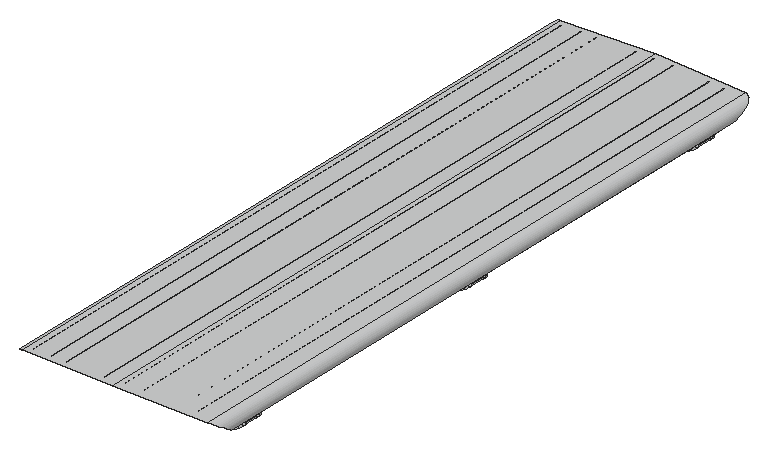
Revit family
Parameters (values of type "Aluminum-SH-Bright_Silver")
  Width [instance] = 0' - 7.52741"
  URL = "http://www.us.kohler.com/us/"
  Product Page URL = "http://www.us.kohler.com/us/Bellwether-aluminum-drain-cover-for-60-x-32-shower-base/productDetail/Shower-Bases/996244.htm?skuId=996237&brandId=1027726&pageName=globalSearch&isRedirectedTo=true&searchTerm=9156&_requestid=108956"
  Product Documentation Link = "N/A"
  Model = "9156-SH"
  Manufacturer = "Kohler"  # constant formula
  Length [instance] = 2' - 1.35266"
  Height [instance] = 0' - 1.33024"
  Finish = Aluminum-Kohler-SH-Bright Silver
  Description = "Aluminum drain cover for 60in x 32in shower base"  # constant formula
  Assembly Code = "D2010700"
Reference planes (in)
  plane 1 "Center (Front/Back)": y = 0
  plane 2: z = 0
  plane 3 "Center (Left/Right)": x = 0
  plane 4: y = 12.67633
  plane 5: y = -12.67633
  plane 6: x = -3.76371
  plane 7: x = 3.76371
  plane 8: z = 1.33024
Dimensions and locks (in)
  "Width": plane 6 to plane 7
  "Length": plane 5 to plane 4
  "Height": plane 8 to plane 2
  aligned and locked: plane 2 to level
Nested families (in)
  nested 1: "9156_Base" at (0, 0, 0), type "9156_Base"
Definition of nested family "9156_Base"
  Parameters (values of type "9156_Base")
    l = 2' - 1.35266"
    Finish = none
  Reference planes (in)
    plane 1 "Center (Front/Back)": y = 0
    plane 2: z = 0
    plane 3 "Center (Left/Right)": x = 0
    plane 4: y = 12.67633
    plane 5: x = -3.76371
    plane 6: x = 3.76371
    plane 7: y = -12.67633
    plane 8: z = 1.33024
  Forms (in)
    Extrusion 1, solid, material <- "Finish", detail levels medium+fine
      sketch origin (0, 0, 0) x (1, 0, 0) y (0, 0, 1)
        loop
          line (-3.44914, 1.1845) -> (-3.44585, 0.53469)
          arc (-3.44585, 0.53469) -> (-3.40749, 0.49612) -> (-3.36834, 0.53389) r 0.03876
          line (-3.36834, 0.53389) -> (-3.36834, 0.95213)
          arc (-3.36834, 0.95213) -> (-3.36078, 0.97037) -> (-3.34254, 0.97793) r 0.0258
          line (-3.34254, 0.97793) -> (-3.26553, 0.97793)
          arc (-3.26553, 0.97793) -> (-3.2488, 0.98486) -> (-3.24187, 1.00159) r 0.02366
          line (-3.24187, 1.00159) -> (-3.24187, 1.04223)
          arc (-3.24187, 1.04223) -> (-3.24865, 1.05859) -> (-3.265, 1.06537) r 0.02313
          line (-3.265, 1.06537) -> (-3.33974, 1.06537)
          arc (-3.33974, 1.06537) -> (-3.35729, 1.07264) -> (-3.36456, 1.09019) r 0.02482
          line (-3.36456, 1.09019) -> (-3.36456, 1.16636)
          arc (-3.36456, 1.16636) -> (-3.35825, 1.18195) -> (-3.34288, 1.18877) r 0.02243
          line (-3.34288, 1.18877) -> (-2.76174, 1.20793)
          arc (-2.76174, 1.20793) -> (-2.7474, 1.2024) -> (-2.7414, 1.18825) r 0.01969
          line (-2.7414, 1.18825) -> (-2.7414, 1.08224)
          arc (-2.7414, 1.08224) -> (-2.74727, 1.06783) -> (-2.76154, 1.06162) r 0.02062
          line (-2.76154, 1.06162) -> (-2.84894, 1.05956)
          arc (-2.84894, 1.05956) -> (-2.86272, 1.05357) -> (-2.86839, 1.03965) r 0.01992
          line (-2.86839, 1.03965) -> (-2.86839, 1.00169)
          arc (-2.86839, 1.00169) -> (-2.86139, 0.9848) -> (-2.8445, 0.97781) r 0.02389
          line (-2.8445, 0.97781) -> (-2.76139, 0.97781)
          arc (-2.76139, 0.97781) -> (-2.74656, 0.97167) -> (-2.74042, 0.95684) r 0.02097
          line (-2.74042, 0.95684) -> (-2.74042, 0.39105)
          arc (-2.74042, 0.39105) -> (-2.70109, 0.35172) -> (-2.66176, 0.39105) r 0.03933
          line (-2.66176, 0.39105) -> (-2.66176, 1.18951)
          arc (-2.66176, 1.18951) -> (-2.65599, 1.2037) -> (-2.64196, 1.20983) r 0.02033
          line (-2.64196, 1.20983) -> (-2.17874, 1.22168)
          arc (-2.17874, 1.22168) -> (-2.16455, 1.21612) -> (-2.15863, 1.20208) r 0.01961
          line (-2.15863, 1.20208) -> (-2.15863, 0.69736)
          arc (-2.15863, 0.69736) -> (-2.15287, 0.68347) -> (-2.13899, 0.67771) r 0.01964
          line (-2.13899, 0.67771) -> (-1.91547, 0.67771)
          arc (-1.91547, 0.67771) -> (-1.87836, 0.71804) -> (-1.91234, 0.76105) r 0.04222
          line (-1.91234, 0.76105) -> (-2.05659, 0.75878)
          arc (-2.05659, 0.75878) -> (-2.07156, 0.76477) -> (-2.07779, 0.77965) r 0.02087
          line (-2.07779, 0.77965) -> (-2.07779, 0.87795)
          arc (-2.07779, 0.87795) -> (-2.07189, 0.8922) -> (-2.05763, 0.8981) r 0.02015
          line (-2.05763, 0.8981) -> (-1.90995, 0.8981)
          arc (-1.90995, 0.8981) -> (-1.87868, 0.94511) -> (-1.92371, 0.97918) r 0.0412
          line (-1.92371, 0.97918) -> (-2.05784, 0.97918)
          arc (-2.05784, 0.97918) -> (-2.07195, 0.98502) -> (-2.07779, 0.99913) r 0.01995
          line (-2.07779, 0.99913) -> (-2.07779, 1.20159)
          arc (-2.07779, 1.20159) -> (-2.07205, 1.21561) -> (-2.05812, 1.22157) r 0.01998
          line (-2.05812, 1.22157) -> (-0.78076, 1.2417)
          arc (-0.78076, 1.2417) -> (-0.76626, 1.23625) -> (-0.75935, 1.22239) r 0.02115
          line (-0.75935, 1.22239) -> (-0.74004, 1.00168)
          arc (-0.74004, 1.00168) -> (-0.73301, 0.98742) -> (-0.71819, 0.98165) r 0.02193
          line (-0.71819, 0.98165) -> (-0.6792, 0.98165)
          arc (-0.6792, 0.98165) -> (-0.66461, 0.98731) -> (-0.65763, 1.00133) r 0.02166
          line (-0.65763, 1.00133) -> (-0.63724, 1.22271)
          arc (-0.63724, 1.22271) -> (-0.63041, 1.23649) -> (-0.61609, 1.24211) r 0.02136
          line (-0.61609, 1.24211) -> (-0.09245, 1.24488)
          arc (-0.09245, 1.24488) -> (-0.07823, 1.2394) -> (-0.07151, 1.22571) r 0.0209
          line (-0.07151, 1.22571) -> (-0.05298, 1.00238)
          arc (-0.05298, 1.00238) -> (-0.04613, 0.98837) -> (-0.0316, 0.9827) r 0.02145
          line (-0.0316, 0.9827) -> (0.00881, 0.9827)
          arc (0.00881, 0.9827) -> (0.02393, 0.9886) -> (0.03106, 1.00318) r 0.02233
          line (0.03106, 1.00318) -> (0.04952, 1.22571)
          arc (0.04952, 1.22571) -> (0.05624, 1.2394) -> (0.07046, 1.24489) r 0.0209
          line (0.07046, 1.24489) -> (0.5941, 1.24211)
          arc (0.5941, 1.24211) -> (0.60842, 1.2365) -> (0.61526, 1.22272) r 0.02136
          line (0.61526, 1.22272) -> (0.63565, 1.00133)
          arc (0.63565, 1.00133) -> (0.64262, 0.98732) -> (0.65721, 0.98166) r 0.02166
          line (0.65721, 0.98166) -> (0.69621, 0.98166)
          arc (0.69621, 0.98166) -> (0.71102, 0.98742) -> (0.71806, 1.00168) r 0.02193
          line (0.71806, 1.00168) -> (0.73737, 1.2224)
          arc (0.73737, 1.2224) -> (0.74427, 1.23626) -> (0.75877, 1.2417) r 0.02115
          line (0.75877, 1.2417) -> (2.03614, 1.22158)
          arc (2.03614, 1.22158) -> (2.05006, 1.21561) -> (2.0558, 1.2016) r 0.01998
          line (2.0558, 1.2016) -> (2.0558, 0.99913)
          arc (2.0558, 0.99913) -> (2.04996, 0.98503) -> (2.03585, 0.97918) r 0.01995
          line (2.03585, 0.97918) -> (1.90172, 0.97918)
          arc (1.90172, 0.97918) -> (1.8567, 0.94512) -> (1.88796, 0.8981) r 0.0412
          line (1.88796, 0.8981) -> (2.03565, 0.8981)
          arc (2.03565, 0.8981) -> (2.0499, 0.8922) -> (2.0558, 0.87795) r 0.02015
          line (2.0558, 0.87795) -> (2.0558, 0.77965)
          arc (2.0558, 0.77965) -> (2.04957, 0.76478) -> (2.0346, 0.75878) r 0.02087
          line (2.0346, 0.75878) -> (1.89035, 0.76105)
          arc (1.89035, 0.76105) -> (1.85637, 0.71805) -> (1.89348, 0.67772) r 0.04222
          line (1.89348, 0.67772) -> (2.117, 0.67772)
          arc (2.117, 0.67772) -> (2.13089, 0.68347) -> (2.13664, 0.69736) r 0.01964
          line (2.13664, 0.69736) -> (2.13664, 1.20208)
          arc (2.13664, 1.20208) -> (2.14256, 1.21613) -> (2.15675, 1.22169) r 0.01961
          line (2.15675, 1.22169) -> (2.61997, 1.20984)
          arc (2.61997, 1.20984) -> (2.634, 1.20371) -> (2.63978, 1.18952) r 0.02033
          line (2.63978, 1.18952) -> (2.63978, 0.39105)
          arc (2.63978, 0.39105) -> (2.6791, 0.35172) -> (2.71843, 0.39105) r 0.03933
          line (2.71843, 0.39105) -> (2.71843, 0.95684)
          arc (2.71843, 0.95684) -> (2.72458, 0.97167) -> (2.7394, 0.97781) r 0.02097
          line (2.7394, 0.97781) -> (2.82252, 0.97781)
          arc (2.82252, 0.97781) -> (2.83941, 0.98481) -> (2.8464, 1.0017) r 0.02389
          line (2.8464, 1.0017) -> (2.8464, 1.03965)
          arc (2.8464, 1.03965) -> (2.84073, 1.05357) -> (2.82695, 1.05957) r 0.01992
          line (2.82695, 1.05957) -> (2.73955, 1.06163)
          arc (2.73955, 1.06163) -> (2.72528, 1.06784) -> (2.71941, 1.08225) r 0.02062
          line (2.71941, 1.08225) -> (2.71941, 1.18825)
          arc (2.71941, 1.18825) -> (2.72541, 1.20241) -> (2.73975, 1.20794) r 0.01969
          line (2.73975, 1.20794) -> (3.32089, 1.18877)
          arc (3.32089, 1.18877) -> (3.33627, 1.18195) -> (3.34257, 1.16636) r 0.02243
          line (3.34257, 1.16636) -> (3.34257, 1.09019)
          arc (3.34257, 1.09019) -> (3.3353, 1.07264) -> (3.31775, 1.06537) r 0.02482
          line (3.31775, 1.06537) -> (3.24302, 1.06537)
          arc (3.24302, 1.06537) -> (3.22666, 1.0586) -> (3.21988, 1.04224) r 0.02313
          line (3.21988, 1.04224) -> (3.21988, 1.0016)
          arc (3.21988, 1.0016) -> (3.22681, 0.98487) -> (3.24355, 0.97793) r 0.02366
          line (3.24355, 0.97793) -> (3.32055, 0.97793)
          arc (3.32055, 0.97793) -> (3.33879, 0.97038) -> (3.34635, 0.95214) r 0.0258
          line (3.34635, 0.95214) -> (3.34635, 0.53389)
          arc (3.34635, 0.53389) -> (3.3855, 0.49613) -> (3.42386, 0.53469) r 0.03876
          line (3.42386, 0.53469) -> (3.42715, 1.18451)
          arc (3.42715, 1.18451) -> (3.64689, 1.02663) -> (3.5674, 0.768) r 0.23187
          arc (3.5674, 0.768) -> (3.55377, 0.71642) -> (3.60304, 0.69595) r 0.04056
          arc (3.60304, 0.69595) -> (3.72956, 1.04018) -> (3.43985, 1.26506) r 0.31063
          line (3.43985, 1.26506) -> (-0.01089, 1.33024) -> (-3.46183, 1.26506)
          arc (-3.46183, 1.26506) -> (-3.75154, 1.04018) -> (-3.62502, 0.69595) r 0.31063
          arc (-3.62502, 0.69595) -> (-3.57576, 0.71642) -> (-3.58939, 0.76799) r 0.04056
          arc (-3.58939, 0.76799) -> (-3.66888, 1.02663) -> (-3.44914, 1.1845) r 0.23187
      from -12.83044 to 12.83368
    Extrusion 2, solid, material <- "Finish", detail levels medium+fine
      sketch origin (0, 0, 0) x (1, 0, 0) y (0, 0, 1)
        loop
          arc (-3.49318, 0.47285) -> (-3.28031, 0.37012) -> (-3.04893, 0.32185) r 0.9712
          line (-3.04893, 0.32185) -> (-2.63513, 0.28387) -> (-2.63021, 0.3375) -> (-3.04301, 0.37364)
          arc (-3.04301, 0.37364) -> (-3.26365, 0.42034) -> (-3.46663, 0.51866) r 0.93236
          line (-3.46663, 0.51866) -> (-3.49318, 0.47285)
      from 9.98154 to 11.22024
    Extrusion 3, void
      sketch origin (0, 0, 0) x (1, 0, 0) y (0, 1, 0)
        loop
          line (-3.47814, -10.35774) -> (-3.47814, -10.81679)
          arc (-3.47814, -10.81679) -> (-3.48813, -10.96677) -> (-3.41826, -11.09985) r 0.27678
          arc (-3.41826, -11.09985) -> (-3.3073, -11.15391) -> (-3.18455, -11.16687) r 0.35639
          line (-3.18455, -11.16687) -> (-2.88981, -11.16687)
          arc (-2.88981, -11.16687) -> (-2.79276, -11.14634) -> (-2.70513, -11.09985) r 0.35639
          arc (-2.70513, -11.09985) -> (-2.63582, -10.96935) -> (-2.64353, -10.82179) r 0.27678
          line (-2.64353, -10.82179) -> (-2.64353, -10.35274)
          arc (-2.64353, -10.35274) -> (-2.63582, -10.20518) -> (-2.70513, -10.07468) r 0.27678
          arc (-2.70513, -10.07468) -> (-2.81609, -10.02062) -> (-2.93884, -10.00766) r 0.35639
          line (-2.93884, -10.00766) -> (-3.18455, -10.00766)
          arc (-3.18455, -10.00766) -> (-3.3073, -10.02062) -> (-3.41826, -10.07468) r 0.35639
          arc (-3.41826, -10.07468) -> (-3.48813, -10.20776) -> (-3.47814, -10.35774) r 0.27678
        loop
          line (-3.64378, -9.85187) -> (-3.64378, -11.28921) -> (-2.4345, -11.28921) -> (-2.4345, -9.85187) -> (-3.64378, -9.85187)
      from 0 to 12
    Extrusion 4, solid, material <- "Finish", detail levels medium+fine
      sketch origin (0, 0, 0) x (1, 0, 0) y (0, 0, 1)
        loop
          arc (-3.49318, 0.47285) -> (-3.28031, 0.37012) -> (-3.04893, 0.32185) r 0.9712
          line (-3.04893, 0.32185) -> (-2.63513, 0.28387) -> (-2.63021, 0.3375) -> (-3.04301, 0.37364)
          arc (-3.04301, 0.37364) -> (-3.26365, 0.42034) -> (-3.46663, 0.51866) r 0.93236
          line (-3.46663, 0.51866) -> (-3.49318, 0.47285)
      from -0.61935 to 0.61935
    Extrusion 5, void
      sketch origin (0, 10.587, 0) x (1, 0, 0) y (0, 1, 0)
        loop
          line (-3.47814, -10.35774) -> (-3.47814, -10.81679)
          arc (-3.47814, -10.81679) -> (-3.48813, -10.96677) -> (-3.41826, -11.09985) r 0.27678
          arc (-3.41826, -11.09985) -> (-3.3073, -11.15391) -> (-3.18455, -11.16687) r 0.35639
          line (-3.18455, -11.16687) -> (-2.88981, -11.16687)
          arc (-2.88981, -11.16687) -> (-2.79276, -11.14634) -> (-2.70513, -11.09985) r 0.35639
          arc (-2.70513, -11.09985) -> (-2.63582, -10.96935) -> (-2.64353, -10.82179) r 0.27678
          line (-2.64353, -10.82179) -> (-2.64353, -10.35274)
          arc (-2.64353, -10.35274) -> (-2.63582, -10.20518) -> (-2.70513, -10.07468) r 0.27678
          arc (-2.70513, -10.07468) -> (-2.81609, -10.02062) -> (-2.93884, -10.00766) r 0.35639
          line (-2.93884, -10.00766) -> (-3.18455, -10.00766)
          arc (-3.18455, -10.00766) -> (-3.3073, -10.02062) -> (-3.41826, -10.07468) r 0.35639
          arc (-3.41826, -10.07468) -> (-3.48813, -10.20776) -> (-3.47814, -10.35774) r 0.27678
        loop
          line (-3.64378, -9.85187) -> (-3.64378, -11.28921) -> (-2.4345, -11.28921) -> (-2.4345, -9.85187) -> (-3.64378, -9.85187)
      from 0 to 12
    Extrusion 6, solid, material <- "Finish", detail levels medium+fine
      sketch origin (0, 0, 0) x (1, 0, 0) y (0, 0, 1)
        loop
          arc (-3.49318, 0.47285) -> (-3.28031, 0.37012) -> (-3.04893, 0.32185) r 0.9712
          line (-3.04893, 0.32185) -> (-2.63513, 0.28387) -> (-2.63021, 0.3375) -> (-3.04301, 0.37364)
          arc (-3.04301, 0.37364) -> (-3.26365, 0.42034) -> (-3.46663, 0.51866) r 0.93236
          line (-3.46663, 0.51866) -> (-3.49318, 0.47285)
      from -11.21434 to -9.97564
    Extrusion 7, void
      sketch origin (0, 21.18197, 0) x (1, 0, 0) y (0, 1, 0)
        loop
          line (-3.47814, -10.35774) -> (-3.47814, -10.81679)
          arc (-3.47814, -10.81679) -> (-3.48813, -10.96677) -> (-3.41826, -11.09985) r 0.27678
          arc (-3.41826, -11.09985) -> (-3.3073, -11.15391) -> (-3.18455, -11.16687) r 0.35639
          line (-3.18455, -11.16687) -> (-2.88981, -11.16687)
          arc (-2.88981, -11.16687) -> (-2.79276, -11.14634) -> (-2.70513, -11.09985) r 0.35639
          arc (-2.70513, -11.09985) -> (-2.63582, -10.96935) -> (-2.64353, -10.82179) r 0.27678
          line (-2.64353, -10.82179) -> (-2.64353, -10.35274)
          arc (-2.64353, -10.35274) -> (-2.63582, -10.20518) -> (-2.70513, -10.07468) r 0.27678
          arc (-2.70513, -10.07468) -> (-2.81609, -10.02062) -> (-2.93884, -10.00766) r 0.35639
          line (-2.93884, -10.00766) -> (-3.18455, -10.00766)
          arc (-3.18455, -10.00766) -> (-3.3073, -10.02062) -> (-3.41826, -10.07468) r 0.35639
          arc (-3.41826, -10.07468) -> (-3.48813, -10.20776) -> (-3.47814, -10.35774) r 0.27678
        loop
          line (-3.64378, -9.85187) -> (-3.64378, -11.28921) -> (-2.4345, -11.28921) -> (-2.4345, -9.85187) -> (-3.64378, -9.85187)
      from 0 to 12
    Extrusion 8, solid, material <- "Finish", detail levels medium+fine
      sketch origin (0, 0, 0) x (-1, 0, 0) y (0, 0, -1)
        loop
          line (-3.49318, -0.47285) -> (-3.46663, -0.51866)
          arc (-3.46663, -0.51866) -> (-3.26365, -0.42034) -> (-3.04301, -0.37364) r 0.93236
          line (-3.04301, -0.37364) -> (-2.63021, -0.3375) -> (-2.63513, -0.28387) -> (-3.04893, -0.32185)
          arc (-3.04893, -0.32185) -> (-3.28031, -0.37012) -> (-3.49318, -0.47285) r 0.9712
      from 9.98154 to 11.22024
    Extrusion 9, void
      sketch origin (0, 0, 0) x (-1, 0, 0) y (0, -1, 0)
        loop
          arc (-3.47814, 10.35774) -> (-3.48813, 10.20776) -> (-3.41826, 10.07468) r 0.27678
          arc (-3.41826, 10.07468) -> (-3.3073, 10.02062) -> (-3.18455, 10.00766) r 0.35639
          line (-3.18455, 10.00766) -> (-2.93884, 10.00766)
          arc (-2.93884, 10.00766) -> (-2.81609, 10.02062) -> (-2.70513, 10.07468) r 0.35639
          arc (-2.70513, 10.07468) -> (-2.63582, 10.20518) -> (-2.64353, 10.35274) r 0.27678
          line (-2.64353, 10.35274) -> (-2.64353, 10.82179)
          arc (-2.64353, 10.82179) -> (-2.63582, 10.96935) -> (-2.70513, 11.09985) r 0.27678
          arc (-2.70513, 11.09985) -> (-2.79276, 11.14634) -> (-2.88981, 11.16687) r 0.35639
          line (-2.88981, 11.16687) -> (-3.18455, 11.16687)
          arc (-3.18455, 11.16687) -> (-3.3073, 11.15391) -> (-3.41826, 11.09985) r 0.35639
          arc (-3.41826, 11.09985) -> (-3.48813, 10.96677) -> (-3.47814, 10.81679) r 0.27678
          line (-3.47814, 10.81679) -> (-3.47814, 10.35774)
        loop
          line (-3.64378, 9.85187) -> (-2.4345, 9.85187) -> (-2.4345, 11.28921) -> (-3.64378, 11.28921) -> (-3.64378, 9.85187)
      from 0 to 12
    Extrusion 10, solid, material <- "Finish", detail levels medium+fine
      sketch origin (0, 0, 0) x (-1, 0, 0) y (0, 0, -1)
        loop
          line (-3.49318, -0.47285) -> (-3.46663, -0.51866)
          arc (-3.46663, -0.51866) -> (-3.26365, -0.42034) -> (-3.04301, -0.37364) r 0.93236
          line (-3.04301, -0.37364) -> (-2.63021, -0.3375) -> (-2.63513, -0.28387) -> (-3.04893, -0.32185)
          arc (-3.04893, -0.32185) -> (-3.28031, -0.37012) -> (-3.49318, -0.47285) r 0.9712
      from -0.61935 to 0.61935
    Extrusion 11, void
      sketch origin (0, 10.587, 0) x (-1, 0, 0) y (0, -1, 0)
        loop
          arc (-3.47814, 10.35774) -> (-3.48813, 10.20776) -> (-3.41826, 10.07468) r 0.27678
          arc (-3.41826, 10.07468) -> (-3.3073, 10.02062) -> (-3.18455, 10.00766) r 0.35639
          line (-3.18455, 10.00766) -> (-2.93884, 10.00766)
          arc (-2.93884, 10.00766) -> (-2.81609, 10.02062) -> (-2.70513, 10.07468) r 0.35639
          arc (-2.70513, 10.07468) -> (-2.63582, 10.20518) -> (-2.64353, 10.35274) r 0.27678
          line (-2.64353, 10.35274) -> (-2.64353, 10.82179)
          arc (-2.64353, 10.82179) -> (-2.63582, 10.96935) -> (-2.70513, 11.09985) r 0.27678
          arc (-2.70513, 11.09985) -> (-2.79276, 11.14634) -> (-2.88981, 11.16687) r 0.35639
          line (-2.88981, 11.16687) -> (-3.18455, 11.16687)
          arc (-3.18455, 11.16687) -> (-3.3073, 11.15391) -> (-3.41826, 11.09985) r 0.35639
          arc (-3.41826, 11.09985) -> (-3.48813, 10.96677) -> (-3.47814, 10.81679) r 0.27678
          line (-3.47814, 10.81679) -> (-3.47814, 10.35774)
        loop
          line (-3.64378, 9.85187) -> (-2.4345, 9.85187) -> (-2.4345, 11.28921) -> (-3.64378, 11.28921) -> (-3.64378, 9.85187)
      from 0 to 12
    Extrusion 12, solid, material <- "Finish", detail levels medium+fine
      sketch origin (0, 0, 0) x (-1, 0, 0) y (0, 0, -1)
        loop
          line (-3.49318, -0.47285) -> (-3.46663, -0.51866)
          arc (-3.46663, -0.51866) -> (-3.26365, -0.42034) -> (-3.04301, -0.37364) r 0.93236
          line (-3.04301, -0.37364) -> (-2.63021, -0.3375) -> (-2.63513, -0.28387) -> (-3.04893, -0.32185)
          arc (-3.04893, -0.32185) -> (-3.28031, -0.37012) -> (-3.49318, -0.47285) r 0.9712
      from -11.21434 to -9.97564
    Extrusion 13, void
      sketch origin (0, 21.18197, 0) x (-1, 0, 0) y (0, -1, 0)
        loop
          arc (-3.47814, 10.35774) -> (-3.48813, 10.20776) -> (-3.41826, 10.07468) r 0.27678
          arc (-3.41826, 10.07468) -> (-3.3073, 10.02062) -> (-3.18455, 10.00766) r 0.35639
          line (-3.18455, 10.00766) -> (-2.93884, 10.00766)
          arc (-2.93884, 10.00766) -> (-2.81609, 10.02062) -> (-2.70513, 10.07468) r 0.35639
          arc (-2.70513, 10.07468) -> (-2.63582, 10.20518) -> (-2.64353, 10.35274) r 0.27678
          line (-2.64353, 10.35274) -> (-2.64353, 10.82179)
          arc (-2.64353, 10.82179) -> (-2.63582, 10.96935) -> (-2.70513, 11.09985) r 0.27678
          arc (-2.70513, 11.09985) -> (-2.79276, 11.14634) -> (-2.88981, 11.16687) r 0.35639
          line (-2.88981, 11.16687) -> (-3.18455, 11.16687)
          arc (-3.18455, 11.16687) -> (-3.3073, 11.15391) -> (-3.41826, 11.09985) r 0.35639
          arc (-3.41826, 11.09985) -> (-3.48813, 10.96677) -> (-3.47814, 10.81679) r 0.27678
          line (-3.47814, 10.81679) -> (-3.47814, 10.35774)
        loop
          line (-3.64378, 9.85187) -> (-2.4345, 9.85187) -> (-2.4345, 11.28921) -> (-3.64378, 11.28921) -> (-3.64378, 9.85187)
      from 0 to 12
    Extrusion 14, solid, material <- "Finish", detail levels medium+fine
      sketch origin (0, 0, 0) x (1, 0, 0) y (0, 1, 0)
        loop
          line (-3.38342, -10.25473) -> (-3.38342, -10.95766)
          arc (-3.38342, -10.95766) -> (-3.34508, -11.05023) -> (-3.25251, -11.08858) r 0.13091
          line (-3.25251, -11.08858) -> (-2.85043, -11.08858)
          arc (-2.85043, -11.08858) -> (-2.75822, -11.05038) -> (-2.72003, -10.95818) r 0.1304
          line (-2.72003, -10.95818) -> (-2.72003, -10.23616)
          arc (-2.72003, -10.23616) -> (-2.75845, -10.14341) -> (-2.8512, -10.10499) r 0.13117
          line (-2.8512, -10.10499) -> (-3.25357, -10.10499)
          arc (-3.25357, -10.10499) -> (-3.35267, -10.15022) -> (-3.38342, -10.25473) r 0.13117
      from 0.27807 to 1.02685
    Extrusion 15, void
      sketch origin (0, 0, 0) x (1, 0, 0) y (0, 0, 1)
        loop
          line (-3.04301, 0.37364) -> (-2.70513, 0.34406) -> (-2.70513, 0.8467)
          arc (-2.70513, 0.8467) -> (-2.75079, 0.95693) -> (-2.86102, 1.00259) r 0.15589
          line (-2.86102, 1.00259) -> (-3.25123, 1.00259)
          arc (-3.25123, 1.00259) -> (-3.35937, 0.9578) -> (-3.40417, 0.84966) r 0.15293
          line (-3.40417, 0.84966) -> (-3.40417, 0.48178)
          arc (-3.40417, 0.48178) -> (-3.22911, 0.40926) -> (-3.04301, 0.37364) r 0.93236
        loop
          line (-3.4742, 1.08863) -> (-3.4742, 0.24626) -> (-2.64164, 0.24626) -> (-2.64164, 1.08863) -> (-3.4742, 1.08863)
      from -12.12293 to 12
    Extrusion 16, solid, material <- "Finish", detail levels medium+fine
      sketch origin (0, 10.59717, 0) x (1, 0, 0) y (0, 1, 0)
        loop
          line (-3.38342, -10.25473) -> (-3.38342, -10.95766)
          arc (-3.38342, -10.95766) -> (-3.34508, -11.05023) -> (-3.25251, -11.08858) r 0.13091
          line (-3.25251, -11.08858) -> (-2.85043, -11.08858)
          arc (-2.85043, -11.08858) -> (-2.75822, -11.05038) -> (-2.72003, -10.95818) r 0.1304
          line (-2.72003, -10.95818) -> (-2.72003, -10.23616)
          arc (-2.72003, -10.23616) -> (-2.75845, -10.14341) -> (-2.8512, -10.10499) r 0.13117
          line (-2.8512, -10.10499) -> (-3.25357, -10.10499)
          arc (-3.25357, -10.10499) -> (-3.35267, -10.15022) -> (-3.38342, -10.25473) r 0.13117
      from 0.27807 to 1.02685
    Extrusion 17, solid, material <- "Finish", detail levels medium+fine
      sketch origin (0, 21.18508, 0) x (1, 0, 0) y (0, 1, 0)
        loop
          line (-3.38342, -10.25473) -> (-3.38342, -10.95766)
          arc (-3.38342, -10.95766) -> (-3.34508, -11.05023) -> (-3.25251, -11.08858) r 0.13091
          line (-3.25251, -11.08858) -> (-2.85043, -11.08858)
          arc (-2.85043, -11.08858) -> (-2.75822, -11.05038) -> (-2.72003, -10.95818) r 0.1304
          line (-2.72003, -10.95818) -> (-2.72003, -10.23616)
          arc (-2.72003, -10.23616) -> (-2.75845, -10.14341) -> (-2.8512, -10.10499) r 0.13117
          line (-2.8512, -10.10499) -> (-3.25357, -10.10499)
          arc (-3.25357, -10.10499) -> (-3.35267, -10.15022) -> (-3.38342, -10.25473) r 0.13117
      from 0.27807 to 1.02685
    Extrusion 18, solid, material <- "Finish", detail levels medium+fine
      sketch origin (0, 0, 0) x (-1, 0, 0) y (0, -1, 0)
        loop
          arc (-3.38342, 10.25473) -> (-3.35267, 10.15022) -> (-3.25357, 10.10499) r 0.13117
          line (-3.25357, 10.10499) -> (-2.8512, 10.10499)
          arc (-2.8512, 10.10499) -> (-2.75845, 10.14341) -> (-2.72003, 10.23616) r 0.13117
          line (-2.72003, 10.23616) -> (-2.72003, 10.95818)
          arc (-2.72003, 10.95818) -> (-2.75822, 11.05038) -> (-2.85043, 11.08858) r 0.1304
          line (-2.85043, 11.08858) -> (-3.25251, 11.08858)
          arc (-3.25251, 11.08858) -> (-3.34508, 11.05023) -> (-3.38342, 10.95766) r 0.13091
          line (-3.38342, 10.95766) -> (-3.38342, 10.25473)
      from 0.27807 to 1.02685
    Extrusion 19, solid, material <- "Finish", detail levels medium+fine
      sketch origin (0, 10.59717, 0) x (-1, 0, 0) y (0, -1, 0)
        loop
          arc (-3.38342, 10.25473) -> (-3.35267, 10.15022) -> (-3.25357, 10.10499) r 0.13117
          line (-3.25357, 10.10499) -> (-2.8512, 10.10499)
          arc (-2.8512, 10.10499) -> (-2.75845, 10.14341) -> (-2.72003, 10.23616) r 0.13117
          line (-2.72003, 10.23616) -> (-2.72003, 10.95818)
          arc (-2.72003, 10.95818) -> (-2.75822, 11.05038) -> (-2.85043, 11.08858) r 0.1304
          line (-2.85043, 11.08858) -> (-3.25251, 11.08858)
          arc (-3.25251, 11.08858) -> (-3.34508, 11.05023) -> (-3.38342, 10.95766) r 0.13091
          line (-3.38342, 10.95766) -> (-3.38342, 10.25473)
      from 0.27807 to 1.02685
    Extrusion 20, solid, material <- "Finish", detail levels medium+fine
      sketch origin (0, 21.18508, 0) x (-1, 0, 0) y (0, -1, 0)
        loop
          arc (-3.38342, 10.25473) -> (-3.35267, 10.15022) -> (-3.25357, 10.10499) r 0.13117
          line (-3.25357, 10.10499) -> (-2.8512, 10.10499)
          arc (-2.8512, 10.10499) -> (-2.75845, 10.14341) -> (-2.72003, 10.23616) r 0.13117
          line (-2.72003, 10.23616) -> (-2.72003, 10.95818)
          arc (-2.72003, 10.95818) -> (-2.75822, 11.05038) -> (-2.85043, 11.08858) r 0.1304
          line (-2.85043, 11.08858) -> (-3.25251, 11.08858)
          arc (-3.25251, 11.08858) -> (-3.34508, 11.05023) -> (-3.38342, 10.95766) r 0.13091
          line (-3.38342, 10.95766) -> (-3.38342, 10.25473)
      from 0.27807 to 1.02685
    Extrusion 21, void
      sketch origin (0, 0, 0) x (-1, 0, 0) y (0, 0, -1)
        loop
          arc (-3.04301, -0.37364) -> (-3.22911, -0.40926) -> (-3.40417, -0.48178) r 0.93236
          line (-3.40417, -0.48178) -> (-3.40417, -0.84966)
          arc (-3.40417, -0.84966) -> (-3.35937, -0.9578) -> (-3.25123, -1.00259) r 0.15293
          line (-3.25123, -1.00259) -> (-2.86102, -1.00259)
          arc (-2.86102, -1.00259) -> (-2.75079, -0.95693) -> (-2.70513, -0.8467) r 0.15589
          line (-2.70513, -0.8467) -> (-2.70513, -0.34406) -> (-3.04301, -0.37364)
        loop
          line (-3.4742, -1.08863) -> (-2.64164, -1.08863) -> (-2.64164, -0.24626) -> (-3.4742, -0.24626) -> (-3.4742, -1.08863)
      from -12.12293 to 12
    Extrusion 22, solid, material <- "Finish", detail levels medium+fine
      sketch origin (0, 0, 0) x (1, 0, 0) y (0, 0, 1)
        loop
          arc (-1.32597, 0.76214) -> (-1.29876, 0.75143) -> (-1.28617, 0.72503) r 0.03989
          line (-1.28617, 0.72503) -> (-1.27528, 0.56926)
          arc (-1.27528, 0.56926) -> (-1.26354, 0.54464) -> (-1.23817, 0.53465) r 0.0372
          line (-1.23817, 0.53465) -> (-0.03925, 0.53465) -> (1.21677, 0.53465)
          arc (1.21677, 0.53465) -> (1.24214, 0.54464) -> (1.25388, 0.56926) r 0.0372
          line (1.25388, 0.56926) -> (1.26477, 0.72503)
          arc (1.26477, 0.72503) -> (1.27736, 0.75143) -> (1.30457, 0.76214) r 0.03989
          line (1.30457, 0.76214) -> (2.01813, 0.76214)
          arc (2.01813, 0.76214) -> (2.04283, 0.77238) -> (2.05307, 0.79709) r 0.03494
          line (2.05307, 0.79709) -> (2.05307, 0.85589)
          arc (2.05307, 0.85589) -> (2.04245, 0.88153) -> (2.01682, 0.89214) r 0.03625
          line (2.01682, 0.89214) -> (1.18149, 0.89214)
          arc (1.18149, 0.89214) -> (1.15607, 0.88213) -> (1.1443, 0.85746) r 0.03728
          line (1.1443, 0.85746) -> (1.1333, 0.70012)
          arc (1.1333, 0.70012) -> (1.12126, 0.67487) -> (1.09522, 0.66461) r 0.03818
          line (1.09522, 0.66461) -> (-0.03402, 0.66461) -> (-1.11662, 0.66461)
          arc (-1.11662, 0.66461) -> (-1.14266, 0.67487) -> (-1.1547, 0.70012) r 0.03818
          line (-1.1547, 0.70012) -> (-1.1657, 0.85746)
          arc (-1.1657, 0.85746) -> (-1.17747, 0.88213) -> (-1.20289, 0.89214) r 0.03728
          line (-1.20289, 0.89214) -> (-2.03822, 0.89214)
          arc (-2.03822, 0.89214) -> (-2.06385, 0.88153) -> (-2.07447, 0.85589) r 0.03625
          line (-2.07447, 0.85589) -> (-2.07447, 0.79709)
          arc (-2.07447, 0.79709) -> (-2.06423, 0.77238) -> (-2.03953, 0.76214) r 0.03494
          line (-2.03953, 0.76214) -> (-1.32597, 0.76214)
      from -2.11441 to 2.10796
    Extrusion 23, void
      sketch origin (0, 0, 0) x (1, 0, 0) y (0, 1, 0)
        loop
          line (-1.59492, -1.97764) -> (-2.26006, -1.31249) -> (-2.26006, -2.34857) -> (2.28111, -2.34857) -> (2.28111, -1.27175) -> (1.57523, -1.97764) -> (-1.59492, -1.97764)
        loop
          line (-2.32046, 1.25384) -> (-1.59575, 1.97855) -> (1.57377, 1.97855) -> (2.23851, 1.3138) -> (2.23851, 2.29075) -> (-2.32046, 2.29075) -> (-2.32046, 1.25384)
      from 0 to 12
    Extrusion 24, solid, material <- "Finish", detail levels medium+fine
      sketch origin (0, 0, 0) x (1, 0, 0) y (0, 1, 0)
        loop
          arc (-1.07765, -1.88199) -> (-1.04668, -1.87552) -> (-1.02089, -1.85717) r 0.07731
          line (-1.02089, -1.85717) -> (-0.66726, -1.47476)
          arc (-0.66726, -1.47476) -> (-0.65171, -1.44995) -> (-0.64628, -1.42118) r 0.07891
          line (-0.64628, -1.42118) -> (-0.64628, -0.76492)
          arc (-0.64628, -0.76492) -> (-0.63938, -0.73085) -> (-0.61976, -0.70216) r 0.0875
          line (-0.61976, -0.70216) -> (-0.34386, -0.43407)
          arc (-0.34386, -0.43407) -> (-0.33313, -0.40918) -> (-0.34314, -0.384) r 0.03541
          line (-0.34314, -0.384) -> (-0.38419, -0.34175)
          arc (-0.38419, -0.34175) -> (-0.40927, -0.33094) -> (-0.43466, -0.34103) r 0.03569
          line (-0.43466, -0.34103) -> (-0.75266, -0.65003)
          arc (-0.75266, -0.65003) -> (-0.77013, -0.67559) -> (-0.77628, -0.70593) r 0.07794
          line (-0.77628, -0.70593) -> (-0.77628, -1.36588)
          arc (-0.77628, -1.36588) -> (-0.78249, -1.39875) -> (-0.80025, -1.42709) r 0.09016
          line (-0.80025, -1.42709) -> (-1.07897, -1.7285)
          arc (-1.07897, -1.7285) -> (-1.10337, -1.74586) -> (-1.13269, -1.75199) r 0.07317
          line (-1.13269, -1.75199) -> (-1.20391, -1.75199)
          arc (-1.20391, -1.75199) -> (-1.22876, -1.76229) -> (-1.23906, -1.78714) r 0.03515
          line (-1.23906, -1.78714) -> (-1.23906, -1.84509)
          arc (-1.23906, -1.84509) -> (-1.22825, -1.87119) -> (-1.20216, -1.88199) r 0.0369
          line (-1.20216, -1.88199) -> (-1.07765, -1.88199)
        loop
          arc (-0.62195, 0.70429) -> (-0.63995, 0.73061) -> (-0.64628, 0.76187) r 0.08029
          line (-0.64628, 0.76187) -> (-0.64628, 1.41925)
          arc (-0.64628, 1.41925) -> (-0.65205, 1.44982) -> (-0.66857, 1.47618) r 0.08386
          line (-0.66857, 1.47618) -> (-1.01765, 1.85367)
          arc (-1.01765, 1.85367) -> (-1.04707, 1.87461) -> (-1.08242, 1.88199) r 0.08821
          line (-1.08242, 1.88199) -> (-1.20475, 1.88199)
          arc (-1.20475, 1.88199) -> (-1.22901, 1.87195) -> (-1.23906, 1.84769) r 0.03431
          line (-1.23906, 1.84769) -> (-1.23906, 1.78748)
          arc (-1.23906, 1.78748) -> (-1.22866, 1.76239) -> (-1.20357, 1.75199) r 0.03549
          line (-1.20357, 1.75199) -> (-1.1345, 1.75199)
          arc (-1.1345, 1.75199) -> (-1.10352, 1.74552) -> (-1.07774, 1.72717) r 0.07732
          line (-1.07774, 1.72717) -> (-0.80031, 1.42716)
          arc (-0.80031, 1.42716) -> (-0.7825, 1.39875) -> (-0.77628, 1.36579) r 0.09038
          line (-0.77628, 1.36579) -> (-0.77628, 0.70595)
          arc (-0.77628, 0.70595) -> (-0.77013, 0.67559) -> (-0.75265, 0.65002) r 0.07798
          line (-0.75265, 0.65002) -> (-0.43379, 0.34019)
          arc (-0.43379, 0.34019) -> (-0.40927, 0.33044) -> (-0.38503, 0.34089) r 0.03448
          line (-0.38503, 0.34089) -> (-0.34294, 0.3842)
          arc (-0.34294, 0.3842) -> (-0.33301, 0.40918) -> (-0.34366, 0.43387) r 0.03512
          line (-0.34366, 0.43387) -> (-0.62195, 0.70429)
        loop
          line (1.07765, -1.88199) -> (1.20216, -1.88199)
          arc (1.20216, -1.88199) -> (1.22825, -1.87119) -> (1.23906, -1.84509) r 0.0369
          line (1.23906, -1.84509) -> (1.23906, -1.78714)
          arc (1.23906, -1.78714) -> (1.22876, -1.76229) -> (1.20391, -1.75199) r 0.03515
          line (1.20391, -1.75199) -> (1.13269, -1.75199)
          arc (1.13269, -1.75199) -> (1.10337, -1.74586) -> (1.07897, -1.7285) r 0.07317
          line (1.07897, -1.7285) -> (0.80025, -1.42709)
          arc (0.80025, -1.42709) -> (0.78249, -1.39875) -> (0.77628, -1.36588) r 0.09016
          line (0.77628, -1.36588) -> (0.77628, -0.70593)
          arc (0.77628, -0.70593) -> (0.77013, -0.67559) -> (0.75266, -0.65003) r 0.07794
          line (0.75266, -0.65003) -> (0.43466, -0.34103)
          arc (0.43466, -0.34103) -> (0.40927, -0.33094) -> (0.38419, -0.34175) r 0.03569
          line (0.38419, -0.34175) -> (0.34314, -0.384)
          arc (0.34314, -0.384) -> (0.33313, -0.40918) -> (0.34386, -0.43407) r 0.03541
          line (0.34386, -0.43407) -> (0.61976, -0.70216)
          arc (0.61976, -0.70216) -> (0.63938, -0.73085) -> (0.64628, -0.76492) r 0.0875
          line (0.64628, -0.76492) -> (0.64628, -1.42118)
          arc (0.64628, -1.42118) -> (0.65171, -1.44995) -> (0.66726, -1.47476) r 0.07891
          line (0.66726, -1.47476) -> (1.02089, -1.85717)
          arc (1.02089, -1.85717) -> (1.04668, -1.87552) -> (1.07765, -1.88199) r 0.07731
        loop
          line (0.62195, 0.70429) -> (0.34366, 0.43387)
          arc (0.34366, 0.43387) -> (0.33301, 0.40918) -> (0.34294, 0.3842) r 0.03512
          line (0.34294, 0.3842) -> (0.38503, 0.34089)
          arc (0.38503, 0.34089) -> (0.40927, 0.33044) -> (0.43379, 0.34019) r 0.03448
          line (0.43379, 0.34019) -> (0.75265, 0.65002)
          arc (0.75265, 0.65002) -> (0.77013, 0.67559) -> (0.77628, 0.70595) r 0.07798
          line (0.77628, 0.70595) -> (0.77628, 1.36579)
          arc (0.77628, 1.36579) -> (0.7825, 1.39875) -> (0.80031, 1.42716) r 0.09038
          line (0.80031, 1.42716) -> (1.07774, 1.72717)
          arc (1.07774, 1.72717) -> (1.10352, 1.74552) -> (1.1345, 1.75199) r 0.07732
          line (1.1345, 1.75199) -> (1.20357, 1.75199)
          arc (1.20357, 1.75199) -> (1.22866, 1.76239) -> (1.23906, 1.78748) r 0.03549
          line (1.23906, 1.78748) -> (1.23906, 1.84769)
          arc (1.23906, 1.84769) -> (1.22901, 1.87195) -> (1.20475, 1.88199) r 0.03431
          line (1.20475, 1.88199) -> (1.08242, 1.88199)
          arc (1.08242, 1.88199) -> (1.04707, 1.87461) -> (1.01765, 1.85367) r 0.08821
          line (1.01765, 1.85367) -> (0.66857, 1.47618)
          arc (0.66857, 1.47618) -> (0.65205, 1.44982) -> (0.64628, 1.41925) r 0.08386
          line (0.64628, 1.41925) -> (0.64628, 0.76187)
          arc (0.64628, 0.76187) -> (0.63995, 0.73061) -> (0.62195, 0.70429) r 0.08029
      from 0 to 0.57461
    Extrusion 25, void
      sketch origin (0, 0, 0) x (0, 1, 0) y (0, 0, 1)
        loop
          line (-12.9734, 1.51283) -> (-12.9734, 0.22669) -> (-10.88086, 0.22669) -> (-12.9734, 1.51283)
        loop
          line (12.9734, 1.51283) -> (10.88086, 0.22669) -> (12.9734, 0.22669) -> (12.9734, 1.51283)
      from -6.32657 to 5.61615
    Extrusion 26, solid, material <- "Finish", detail levels coarse
      sketch origin (0, 0, 0) x (1, 0, 0) y (0, 1, 0)
        loop
          line (-3.76371, 12.67633) -> (-3.76371, -12.67633) -> (3.76371, -12.67633) -> (3.76371, 12.67633) -> (-3.76371, 12.67633)
      from 0 to 1.33024
  Cuts and joins
    Extrusion 7 cuts Extrusion 6
    Extrusion 13 cuts Extrusion 12
    Extrusion 11 cuts Extrusion 10
    Extrusion 5 cuts Extrusion 4
    Extrusion 3 cuts Extrusion 2
    Extrusion 9 cuts Extrusion 8
    Extrusion 15 cuts Extrusion 16
    Extrusion 15 cuts Extrusion 14
    Extrusion 15 cuts Extrusion 17
    Extrusion 21 cuts Extrusion 18
    Extrusion 21 cuts Extrusion 19
    Extrusion 21 cuts Extrusion 20
    Extrusion 23 cuts Extrusion 22
    Extrusion 25 cuts Extrusion 1
  Lines and regions (in)
    Masking region 1, detail levels coarse
      outline origin (0, 0, 0) x (1, 0, 0) y (0, 1, 0)
        loop
          line (-3.76371, -12.67633) -> (3.76371, -12.67633) -> (3.76371, 12.67633) -> (-3.76371, 12.67633) -> (-3.76371, -12.67633)
    Masking region 2, detail levels medium+fine
      outline origin (0, 0, 0) x (1, 0, 0) y (0, 1, 0)
        loop
          arc (-3.76371, -12.07705) -> (-3.72791, -12.29059) -> (-3.62454, -12.48085) r 0.65594
          arc (-3.62454, -12.48085) -> (-3.57603, -12.52768) -> (-3.51649, -12.55935) r 0.2425
          arc (-3.51649, -12.55935) -> (-3.48958, -12.56689) -> (-3.46183, -12.57027) r 0.18396
          line (-3.46183, -12.57027) -> (0, -12.67633) -> (3.46183, -12.57027)
          arc (3.46183, -12.57027) -> (3.48958, -12.56689) -> (3.51649, -12.55935) r 0.18396
          arc (3.51649, -12.55935) -> (3.57603, -12.52768) -> (3.62454, -12.48085) r 0.2425
          arc (3.62454, -12.48085) -> (3.72791, -12.29059) -> (3.76371, -12.07705) r 0.65594
          line (3.76371, -12.07705) -> (3.76371, 12.07669)
          arc (3.76371, 12.07669) -> (3.72797, 12.29042) -> (3.62454, 12.48085) r 0.65594
          arc (3.62454, 12.48085) -> (3.57603, 12.52768) -> (3.51649, 12.55935) r 0.2425
          arc (3.51649, 12.55935) -> (3.48958, 12.56689) -> (3.46183, 12.57027) r 0.18396
          line (3.46183, 12.57027) -> (0, 12.67633) -> (-3.46183, 12.57027)
          arc (-3.46183, 12.57027) -> (-3.48958, 12.56689) -> (-3.51649, 12.55935) r 0.18396
          arc (-3.51649, 12.55935) -> (-3.57603, 12.52768) -> (-3.62454, 12.48085) r 0.2425
          arc (-3.62454, 12.48085) -> (-3.72797, 12.29042) -> (-3.76371, 12.07669) r 0.65594
          line (-3.76371, 12.07669) -> (-3.76371, -12.07705)
    Masking region 3, detail levels coarse
      outline origin (0, 0, 0) x (1, 0, 0) y (0, 0, 1)
        loop
          line (3.76371, 1.33024) -> (-3.76371, 1.33024) -> (-3.76371, 0) -> (3.76371, 0) -> (3.76371, 1.33024)
    Masking region 4, detail levels medium+fine
      outline origin (0, 0, 0) x (1, 0, 0) y (0, 0, 1)
        loop
          arc (-3.58939, 0.76799) -> (-3.66888, 1.02663) -> (-3.44914, 1.1845) r 0.23187
          line (-3.44914, 1.1845) -> (-3.44585, 0.53469)
          arc (-3.44585, 0.53469) -> (-3.4241, 0.50006) -> (-3.38342, 0.50419) r 0.03876
          line (-3.38342, 0.50419) -> (-3.38342, 0.47092)
          arc (-3.38342, 0.47092) -> (-3.42564, 0.49372) -> (-3.46663, 0.51866) r 0.93236
          line (-3.46663, 0.51866) -> (-3.49318, 0.47285)
          arc (-3.49318, 0.47285) -> (-3.28031, 0.37012) -> (-3.04893, 0.32185) r 0.9712
          line (-3.04893, 0.32185) -> (-2.63513, 0.28387) -> (-2.63024, 0.33713) -> (-2.72, 0.34536) -> (-2.72, 0.37633)
          arc (-2.72, 0.37633) -> (-2.68105, 0.37698) -> (-2.66176, 0.41082) r 0.03933
          line (-2.66176, 0.41082) -> (-2.66176, 1.18951)
          arc (-2.66176, 1.18951) -> (-2.65599, 1.2037) -> (-2.64196, 1.20983) r 0.02033
          line (-2.64196, 1.20983) -> (-2.17874, 1.22168)
          arc (-2.17874, 1.22168) -> (-2.16455, 1.21612) -> (-2.15863, 1.20208) r 0.01961
          line (-2.15863, 1.20208) -> (-2.15863, 0.69736)
          arc (-2.15863, 0.69736) -> (-2.15287, 0.68347) -> (-2.13899, 0.67771) r 0.01964
          line (-2.13899, 0.67771) -> (-1.91547, 0.67771)
          arc (-1.91547, 0.67771) -> (-1.87841, 0.72218) -> (-1.92055, 0.76185) r 0.04222
          line (-1.92055, 0.76185) -> (-1.32597, 0.76214)
          arc (-1.32597, 0.76214) -> (-1.29876, 0.75143) -> (-1.28617, 0.72503) r 0.03989
          line (-1.28617, 0.72503) -> (-1.27528, 0.56926)
          arc (-1.27528, 0.56926) -> (-1.26386, 0.54495) -> (-1.23906, 0.53466) r 0.0372
          line (-1.23906, 0.53466) -> (-1.23906, 0) -> (1.23906, 0) -> (1.23906, 0.54207)
          arc (1.23906, 0.54207) -> (1.24943, 0.55405) -> (1.25388, 0.56926) r 0.0372
          line (1.25388, 0.56926) -> (1.26477, 0.72503)
          arc (1.26477, 0.72503) -> (1.27736, 0.75143) -> (1.30457, 0.76214) r 0.03989
          line (1.30457, 0.76214) -> (1.89857, 0.76214)
          arc (1.89857, 0.76214) -> (1.85642, 0.72218) -> (1.89348, 0.67772) r 0.04222
          line (1.89348, 0.67772) -> (2.117, 0.67772)
          arc (2.117, 0.67772) -> (2.13089, 0.68347) -> (2.13664, 0.69736) r 0.01964
          line (2.13664, 0.69736) -> (2.13664, 1.20208)
          arc (2.13664, 1.20208) -> (2.14256, 1.21613) -> (2.15675, 1.22169) r 0.01961
          line (2.15675, 1.22169) -> (2.61997, 1.20984)
          arc (2.61997, 1.20984) -> (2.634, 1.20371) -> (2.63978, 1.18952) r 0.02033
          line (2.63978, 1.18952) -> (2.63978, 0.39105)
          arc (2.63978, 0.39105) -> (2.6791, 0.35172) -> (2.71843, 0.39105) r 0.03933
          line (2.71843, 0.39105) -> (2.71843, 0.34523) -> (2.63021, 0.3375) -> (2.63513, 0.28387) -> (3.04893, 0.32185)
          arc (3.04893, 0.32185) -> (3.28077, 0.37027) -> (3.494, 0.47337) r 0.9712
          line (3.494, 0.47337) -> (3.46784, 0.5185) -> (3.38478, 0.47161) -> (3.38478, 0.50263)
          arc (3.38478, 0.50263) -> (3.41233, 0.5138) -> (3.42386, 0.54119) r 0.03876
          line (3.42386, 0.54119) -> (3.42712, 1.18451)
          arc (3.42712, 1.18451) -> (3.64689, 1.02665) -> (3.5674, 0.768) r 0.23187
          arc (3.5674, 0.768) -> (3.55377, 0.71642) -> (3.60304, 0.69595) r 0.04056
          arc (3.60304, 0.69595) -> (3.72956, 1.04018) -> (3.43985, 1.26506) r 0.31063
          line (3.43985, 1.26506) -> (-0.01089, 1.33024) -> (-3.46183, 1.26506)
          arc (-3.46183, 1.26506) -> (-3.75154, 1.04018) -> (-3.62502, 0.69595) r 0.31063
          arc (-3.62502, 0.69595) -> (-3.57576, 0.71642) -> (-3.58939, 0.76799) r 0.04056
    Masking region 5, detail levels coarse
      outline origin (0, 0, 0) x (0, 1, 0) y (0, 0, 1)
        loop
          line (12.67633, 1.33024) -> (-12.67633, 1.33024) -> (-12.67633, 0) -> (12.67633, 0) -> (12.67633, 1.33024)
    Masking region 6, detail levels medium+fine
      outline origin (0, 0, 0) x (0, 1, 0) y (0, 0, 1)
        loop
          line (12.67633, 1.33024) -> (-12.67633, 1.33024) -> (-11.16687, 0.40248) -> (-11.16687, 0.30724)
          spline (-11.16687, 0.30724) -> (-11.16535, 0.30573) -> (-11.16306, 0.30422) -> (-11.16001, 0.30273) -> (-11.1562, 0.30125) -> (-11.15165, 0.29978) -> (-11.14636, 0.29834) -> (-11.14034, 0.29692) -> (-11.13361, 0.29553) -> (-11.12618, 0.29417) -> (-11.11807, 0.29284) -> (-11.10929, 0.29155) -> (-11.09986, 0.29029)
          spline (-11.09986, 0.29029) -> (-11.09043, 0.28951) -> (-11.08061, 0.28876) -> (-11.07043, 0.28806) -> (-11.0599, 0.28741) -> (-11.04906, 0.28679) -> (-11.03791, 0.28623) -> (-11.0265, 0.28571) -> (-11.01483, 0.28524) -> (-11.00294, 0.28482) -> (-10.99085, 0.28445) -> (-10.97858, 0.28413) -> (-10.96617, 0.28387)
          line (-10.96617, 0.28387) -> (-10.88469, 0.28464) -> (-10.30382, 0.28387) -> (-10.20836, 0.28387)
          spline (-10.20836, 0.28387) -> (-10.19595, 0.28413) -> (-10.18368, 0.28445) -> (-10.17159, 0.28482) -> (-10.1597, 0.28524) -> (-10.14803, 0.28571) -> (-10.13662, 0.28623) -> (-10.12547, 0.28679) -> (-10.11463, 0.28741) -> (-10.1041, 0.28806) -> (-10.09392, 0.28876) -> (-10.0841, 0.28951) -> (-10.07467, 0.29029)
          spline (-10.07467, 0.29029) -> (-10.06302, 0.29186) -> (-10.05238, 0.29349) -> (-10.04279, 0.29517) -> (-10.03428, 0.2969) -> (-10.02688, 0.29867) -> (-10.02061, 0.30048) -> (-10.01549, 0.30232) -> (-10.01154, 0.30418) -> (-10.00878, 0.30606) -> (-10.00721, 0.30795) -> (-10.00683, 0.30985) -> (-10.00766, 0.31174)
          line (-10.00766, 0.31174) -> (-10.00766, 0.35169) -> (-1.88199, 0.35169) -> (-1.88199, 0) -> (1.88199, 0) -> (1.88199, 0.35169) -> (10.0151, 0.35169) -> (10.0151, 0.30724)
          spline (10.0151, 0.30724) -> (10.01662, 0.30573) -> (10.01891, 0.30422) -> (10.02196, 0.30273) -> (10.02577, 0.30125) -> (10.03032, 0.29978) -> (10.03562, 0.29834) -> (10.04163, 0.29692) -> (10.04837, 0.29553) -> (10.0558, 0.29417) -> (10.06391, 0.29284) -> (10.07269, 0.29155) -> (10.08211, 0.29029)
          spline (10.08211, 0.29029) -> (10.09155, 0.28951) -> (10.10136, 0.28876) -> (10.11155, 0.28806) -> (10.12207, 0.28741) -> (10.13292, 0.28679) -> (10.14406, 0.28623) -> (10.15548, 0.28571) -> (10.16714, 0.28524) -> (10.17904, 0.28482) -> (10.19113, 0.28445) -> (10.20339, 0.28413) -> (10.2158, 0.28387)
          line (10.2158, 0.28387) -> (10.28115, 0.28464) -> (10.87119, 0.28387) -> (10.97362, 0.28387)
          spline (10.97362, 0.28387) -> (10.98603, 0.28413) -> (10.99829, 0.28445) -> (11.01038, 0.28482) -> (11.02227, 0.28524) -> (11.03394, 0.28571) -> (11.04536, 0.28623) -> (11.0565, 0.28679) -> (11.06735, 0.28741) -> (11.07787, 0.28806) -> (11.08806, 0.28876) -> (11.09787, 0.28951) -> (11.10731, 0.29029)
          spline (11.10731, 0.29029) -> (11.11895, 0.29186) -> (11.12959, 0.29349) -> (11.13918, 0.29517) -> (11.14769, 0.2969) -> (11.15509, 0.29867) -> (11.16137, 0.30048) -> (11.16648, 0.30232) -> (11.17043, 0.30418) -> (11.1732, 0.30606) -> (11.17477, 0.30795) -> (11.17514, 0.30985) -> (11.17431, 0.31174)
          line (11.17431, 0.31174) -> (11.17431, 0.40705) -> (12.67633, 1.33024)
    symbolic lines, style "Masking Lines", detail levels fine
      curve 1: line (-3.36456, 0, 1.09019) -> (-3.36456, 0, 1.16636)
      curve 2: arc (-3.33974, 0, 1.06537) -> (-3.35729, 0, 1.07264) -> (-3.36456, 0, 1.09019) r 0.02482
      curve 3: line (-3.265, 0, 1.06537) -> (-3.33974, 0, 1.06537)
      curve 4: arc (-3.24187, 0, 1.04223) -> (-3.24865, 0, 1.05859) -> (-3.265, 0, 1.06537) r 0.02313
      curve 5: line (-3.24187, 0, 1.00259) -> (-3.24187, 0, 1.04223)
      curve 6: line (-3.24187, 0, 1.00259) -> (-2.8675, 0, 1.00259)
      curve 7: arc (-3.26553, 0, 0.97793) -> (-3.2488, 0, 0.98486) -> (-3.24187, 0, 1.00159) r 0.02366
      curve 8: line (-3.34254, 0, 0.97793) -> (-3.26553, 0, 0.97793)
      curve 9: arc (-3.36834, 0, 0.95213) -> (-3.36078, 0, 0.97037) -> (-3.34254, 0, 0.97793) r 0.0258
      curve 10: line (-3.36834, 0, 0.53389) -> (-3.36834, 0, 0.95213)
      curve 11: arc (-3.36834, 0, 0.94802) -> (-3.35253, 0, 0.96423) -> (-3.33451, 0, 0.97793) r 0.15293
      curve 12: arc (-3.44585, 0, 0.53469) -> (-3.40749, 0, 0.49612) -> (-3.36834, 0, 0.53389) r 0.03876
      curve 13: arc (-3.04301, 0, 0.37364) -> (-3.26365, 0, 0.42034) -> (-3.46663, 0, 0.51866) r 0.93236
      curve 14: line (-2.63021, 0, 0.3375) -> (-3.04301, 0, 0.37364)
      curve 15: arc (-2.74042, 0, 0.41082) -> (-2.70109, 0, 0.37149) -> (-2.66176, 0, 0.41082) r 0.03933
      curve 16: line (-2.74042, 0, 0.41082) -> (-2.74042, 0, 0.95684)
      curve 17: arc (-2.77668, 0, 0.97781) -> (-2.75728, 0, 0.96307) -> (-2.74042, 0, 0.94549) r 0.15589
      curve 18: line (-2.8445, 0, 0.97781) -> (-2.76139, 0, 0.97781)
      curve 19: arc (-2.76139, 0, 0.97781) -> (-2.74656, 0, 0.97167) -> (-2.74042, 0, 0.95684) r 0.02097
      curve 20: arc (-2.86839, 0, 1.00169) -> (-2.86139, 0, 0.9848) -> (-2.8445, 0, 0.97781) r 0.02389
      curve 21: line (-2.86839, 0, 1.03965) -> (-2.86839, 0, 1.00169)
      curve 22: arc (-2.84894, 0, 1.05956) -> (-2.86272, 0, 1.05357) -> (-2.86839, 0, 1.03965) r 0.01992
      curve 23: line (-2.76154, 0, 1.06162) -> (-2.84894, 0, 1.05956)
      curve 24: arc (-2.7414, 0, 1.08224) -> (-2.74727, 0, 1.06783) -> (-2.76154, 0, 1.06162) r 0.02062
      curve 25: line (-2.7414, 0, 1.18825) -> (-2.7414, 0, 1.08224)
      curve 26: arc (-2.76174, 0, 1.20793) -> (-2.7474, 0, 1.2024) -> (-2.7414, 0, 1.18825) r 0.01969
      curve 27: line (-3.34288, 0, 1.18877) -> (-2.76174, 0, 1.20793)
      curve 28: line (-1.91234, 0, 0.76105) -> (-2.05659, 0, 0.75878)
      curve 29: arc (-2.05659, 0, 0.75878) -> (-2.07156, 0, 0.76477) -> (-2.07779, 0, 0.77965) r 0.02087
      curve 30: line (-2.07779, 0, 0.77965) -> (-2.07779, 0, 0.87795)
      curve 31: arc (-2.07779, 0, 0.87795) -> (-2.07189, 0, 0.8922) -> (-2.05763, 0, 0.8981) r 0.02015
      curve 32: line (-2.05763, 0, 0.8981) -> (-1.90995, 0, 0.8981)
      curve 33: arc (-1.90995, 0, 0.8981) -> (-1.87868, 0, 0.94511) -> (-1.92371, 0, 0.97918) r 0.0412
      curve 34: line (-1.92371, 0, 0.97918) -> (-2.05784, 0, 0.97918)
      curve 35: arc (-2.05784, 0, 0.97918) -> (-2.07195, 0, 0.98502) -> (-2.07779, 0, 0.99913) r 0.01995
      curve 36: line (-2.07779, 0, 0.99913) -> (-2.07779, 0, 1.20159)
      curve 37: arc (-2.03822, 0, 0.89214) -> (-2.06385, 0, 0.88153) -> (-2.07447, 0, 0.85589) r 0.03625
      curve 38: line (-2.07447, 0, 0.85589) -> (-2.07447, 0, 0.79709)
      curve 39: arc (-2.07447, 0, 0.79709) -> (-2.06423, 0, 0.77238) -> (-2.03953, 0, 0.76214) r 0.03494
      curve 40: line (-2.03953, 0, 0.76214) -> (-1.32597, 0, 0.76214)
      curve 41: line (-1.20289, 0, 0.89214) -> (-2.03822, 0, 0.89214)
      curve 42: arc (-1.1657, 0, 0.85746) -> (-1.17747, 0, 0.88213) -> (-1.20289, 0, 0.89214) r 0.03728
      curve 43: line (-1.1547, 0, 0.70012) -> (-1.1657, 0, 0.85746)
      curve 44: arc (-1.11662, 0, 0.66461) -> (-1.14266, 0, 0.67487) -> (-1.1547, 0, 0.70012) r 0.03818
      curve 45: line (-0.03402, 0, 0.66461) -> (-1.11662, 0, 0.66461)
      curve 46: line (-1.23817, 0, 0.53465) -> (-0.03925, 0, 0.53465)
      curve 47: line (-0.03925, 0, 0.53465) -> (1.21677, 0, 0.53465)
      curve 48: line (1.09522, 0, 0.66461) -> (-0.03402, 0, 0.66461)
      curve 49: arc (1.1333, 0, 0.70012) -> (1.12126, 0, 0.67487) -> (1.09522, 0, 0.66461) r 0.03818
      curve 50: line (1.1443, 0, 0.85746) -> (1.1333, 0, 0.70012)
      curve 51: arc (1.18149, 0, 0.89214) -> (1.15607, 0, 0.88213) -> (1.1443, 0, 0.85746) r 0.03728
      curve 52: line (2.01682, 0, 0.89214) -> (1.18149, 0, 0.89214)
      curve 53: arc (2.05307, 0, 0.85589) -> (2.04245, 0, 0.88153) -> (2.01682, 0, 0.89214) r 0.03625
      curve 54: line (2.05307, 0, 0.79709) -> (2.05307, 0, 0.85589)
      curve 55: arc (2.01813, 0, 0.76214) -> (2.04283, 0, 0.77238) -> (2.05307, 0, 0.79709) r 0.03494
      curve 56: line (1.30457, 0, 0.76214) -> (2.01813, 0, 0.76214)
      curve 57: line (2.0346, 0, 0.75878) -> (1.89035, 0, 0.76105)
      curve 58: arc (2.0558, 0, 0.77965) -> (2.04957, 0, 0.76478) -> (2.0346, 0, 0.75878) r 0.02087
      curve 59: line (2.0558, 0, 0.87795) -> (2.0558, 0, 0.77965)
      curve 60: arc (2.03565, 0, 0.8981) -> (2.0499, 0, 0.8922) -> (2.0558, 0, 0.87795) r 0.02015
      curve 61: line (1.88796, 0, 0.8981) -> (2.03565, 0, 0.8981)
      curve 62: arc (1.90172, 0, 0.97918) -> (1.8567, 0, 0.94512) -> (1.88796, 0, 0.8981) r 0.0412
      curve 63: line (2.03585, 0, 0.97918) -> (1.90172, 0, 0.97918)
      curve 64: arc (2.0558, 0, 0.99913) -> (2.04996, 0, 0.98503) -> (2.03585, 0, 0.97918) r 0.01995
      curve 65: line (2.0558, 0, 1.2016) -> (2.0558, 0, 0.99913)
      curve 66: arc (2.03614, 0, 1.22158) -> (2.05006, 0, 1.21561) -> (2.0558, 0, 1.2016) r 0.01998
      curve 67: line (0.75877, 0, 1.2417) -> (2.03614, 0, 1.22158)
      curve 68: arc (0.73737, 0, 1.2224) -> (0.74427, 0, 1.23626) -> (0.75877, 0, 1.2417) r 0.02115
      curve 69: line (0.71806, 0, 1.00168) -> (0.73737, 0, 1.2224)
      curve 70: arc (0.69621, 0, 0.98166) -> (0.71102, 0, 0.98742) -> (0.71806, 0, 1.00168) r 0.02193
      curve 71: line (0.65721, 0, 0.98166) -> (0.69621, 0, 0.98166)
      curve 72: arc (0.63565, 0, 1.00133) -> (0.64262, 0, 0.98732) -> (0.65721, 0, 0.98166) r 0.02166
      curve 73: line (0.61526, 0, 1.22272) -> (0.63565, 0, 1.00133)
      curve 74: arc (0.5941, 0, 1.24211) -> (0.60842, 0, 1.2365) -> (0.61526, 0, 1.22272) r 0.02136
      curve 75: line (0.07046, 0, 1.24489) -> (0.5941, 0, 1.24211)
      curve 76: arc (0.04952, 0, 1.22571) -> (0.05624, 0, 1.2394) -> (0.07046, 0, 1.24489) r 0.0209
      curve 77: line (0.03106, 0, 1.00318) -> (0.04952, 0, 1.22571)
      curve 78: arc (0.00881, 0, 0.9827) -> (0.02393, 0, 0.9886) -> (0.03106, 0, 1.00318) r 0.02233
      curve 79: line (-0.0316, 0, 0.9827) -> (0.00881, 0, 0.9827)
      curve 80: arc (-0.05298, 0, 1.00238) -> (-0.04613, 0, 0.98837) -> (-0.0316, 0, 0.9827) r 0.02145
      curve 81: line (-0.07151, 0, 1.22571) -> (-0.05298, 0, 1.00238)
      curve 82: arc (-0.09245, 0, 1.24488) -> (-0.07823, 0, 1.2394) -> (-0.07151, 0, 1.22571) r 0.0209
      curve 83: line (-0.61609, 0, 1.24211) -> (-0.09245, 0, 1.24488)
      curve 84: arc (-0.63724, 0, 1.22271) -> (-0.63041, 0, 1.23649) -> (-0.61609, 0, 1.24211) r 0.02136
      curve 85: line (-0.65763, 0, 1.00133) -> (-0.63724, 0, 1.22271)
      curve 86: arc (-0.6792, 0, 0.98165) -> (-0.66461, 0, 0.98731) -> (-0.65763, 0, 1.00133) r 0.02166
      curve 87: line (-0.71819, 0, 0.98165) -> (-0.6792, 0, 0.98165)
      curve 88: arc (-0.74004, 0, 1.00168) -> (-0.73301, 0, 0.98742) -> (-0.71819, 0, 0.98165) r 0.02193
      curve 89: line (-0.75935, 0, 1.22239) -> (-0.74004, 0, 1.00168)
      curve 90: arc (-0.78076, 0, 1.2417) -> (-0.76626, 0, 1.23625) -> (-0.75935, 0, 1.22239) r 0.02115
      curve 91: line (-2.05812, 0, 1.22157) -> (-0.78076, 0, 1.2417)
      curve 92: arc (-2.07779, 0, 1.20159) -> (-2.07205, 0, 1.21561) -> (-2.05812, 0, 1.22157) r 0.01998
      curve 93: line (2.71941, 0, 1.08225) -> (2.71941, 0, 1.18825)
      curve 94: arc (2.71941, 0, 1.18825) -> (2.72541, 0, 1.20241) -> (2.73975, 0, 1.20794) r 0.01969
      curve 95: line (2.73975, 0, 1.20794) -> (3.32089, 0, 1.18877)
      curve 96: arc (3.32089, 0, 1.18877) -> (3.33627, 0, 1.18195) -> (3.34257, 0, 1.16636) r 0.02243
      curve 97: line (3.34257, 0, 1.16636) -> (3.34257, 0, 1.09019)
      curve 98: arc (3.34257, 0, 1.09019) -> (3.3353, 0, 1.07264) -> (3.31775, 0, 1.06537) r 0.02482
      curve 99: line (3.31775, 0, 1.06537) -> (3.24302, 0, 1.06537)
